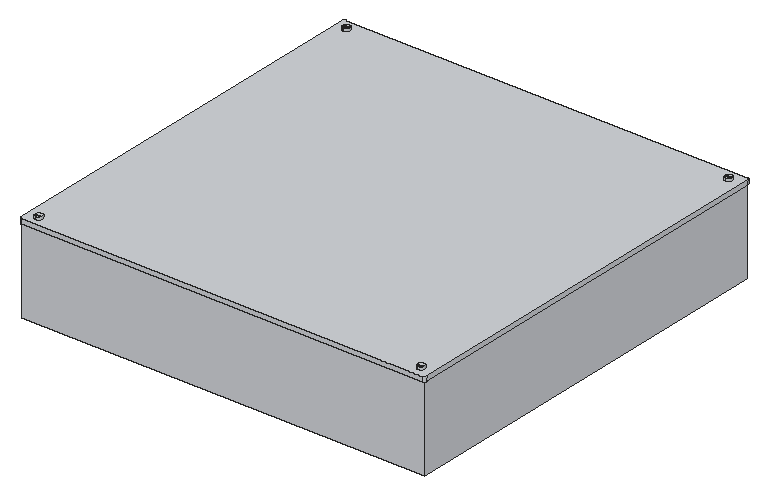
Revit family "AB19G", category Generic Models, Revit 2017
Family settings
  Can host rebar = No
  Round Connector Dimension = Use Diameter
  Part Type = Normal
  Work Plane-Based = Yes
  Always vertical = No
  Cut with Voids When Loaded = No
  Shared = No
  Room Calculation Point = No
Parameters (values of type "NBS Standard Parameters")
  Weight = "1.3055Kg"
  WarrantyStartDate [instance] = "1900-12-31T23:59:59"
  WarrantyGuarantorParts = "n/a"
  WarrantyGuarantorLabor = "n/a"
  WarrantyDurationUnit = "1 year"
  WarrantyDurationParts = "n/a"
  WarrantyDurationLabor = "n/a"
  WarrantyDescription = "n/a"
  Version = "1"
  Uniclass2 = "Pr_65_52_01_86"
  TagNumber [instance] = "n/a"
  SustainabilityPerformance = "n/a"
  Size = "225 X 225 X 50mm (9 X 9 X 2\")"
  Shape = "Square"
  SerialNumber [instance] = "n/a"
  Revision = "n/a"
  ReplacementCost = "n/a"
  ProductInformation = "www.metpro.co.uk/pdf/ab19g.pdf"
  NominalWidth = 225 mm
  NominalLength = 225 mm
  NominalHeight = 50 mm
  Name = ""
  NBSTypeID = ""
  NBSReference = "45-35-00/340"
  NBSOfficeMasterTag = ""
  NBSNote = ""
  NBSDescription = "Surface Boxes"
  NBSCertification = ""
  ModelReference = "AB19G"
  ModelNumber = "n/a"
  Material = "Galvanised Steel Sheet"
  ManufacturerURL = "www.metpro.co.uk"
  ManufacturerName = "Metpro Ltd"
  Keynote = "Compliant to LU standard 1-085"
  InstallationDate [instance] = "1900-12-31T23:59:59"
  IfcExportType = ""
  IfcExportAs = ""
  Grade = "n/a"
  Finish = "Pre Galvanised Sheet Steel"
  Features = "n/a"
  ExpectedLife = "n/a"
  DurationUnit = "year"
  Description = "AB19G - 225 X 225 X 50mm ( 9 X 9 X 2\")  Adaptable Box - Plain"
  Default Elevation = 1219.2 mm
  Constituents = "n/a"
  Color = "n/a"
  CodePerformance = "n/a"
  Category = "n/a"
  BarCode [instance] = "n/a"
  BIMObjectName = "Metpro_metprolibrary_surfaceboxes_adaptableboxes_Plainsided"
  Author = "Metpro Ltd"
  AssetType = ""
  AssetIdentifier [instance] = "n/a"
  AccessibilityPerformance = "n/a"
Reference planes
  plane 1 "Center (Front/Back)": y = 0
  plane 2: z = 0
  plane 3 "Center (Left/Right)": x = 0
Forms (mm)
  Extrusion 1, solid
    sketch origin (-1729.164, 1008.038, 92) x (0, -1, 0) y (1, 0, 0)
      loop
        line (-2.199, -230) -> (-2.199, -5) -> (-227.199, -5) -> (-227.199, -230) -> (-2.199, -230)
    from 0 to 47.5
  Extrusion 2, solid
    sketch origin (-1729.164, 1008.038, 139.5) x (0, -1, 0) y (1, 0, 0)
      loop
        line (-226.75, -231) -> (-2.599, -231)
        arc (-2.599, -231) -> (-1.609, -230.59) -> (-1.199, -229.6) r 1.4
        line (-1.199, -229.6) -> (-1.199, -5.4)
        arc (-1.199, -5.4) -> (-1.609, -4.41) -> (-2.599, -4) r 1.4
        line (-2.599, -4) -> (-226.799, -4)
        arc (-226.799, -4) -> (-227.789, -4.41) -> (-228.199, -5.4) r 1.4
        line (-228.199, -5.4) -> (-228.199, -229.551)
        arc (-228.199, -229.551) -> (-227.774, -230.576) -> (-226.75, -231) r 1.449
    from 0 to 2.5
  Extrusion 3, solid
    sketch origin (-1729.164, 1008.038, 142) x (0, -1, 0) y (1, 0, 0)
      loop
        circle (-222.199, -224.75) r 2
      loop
        circle (-7.199, -224.75) r 2
      loop
        circle (-222.199, -11) r 2
      loop
        circle (-7.199, -11) r 2
    from 0 to 1
  Extrusion 4, void
    sketch origin (-1729.164, 1008.038, 143) x (1, 0, 0) y (0, -1, 0)
      loop
        line (-230, -221.639) -> (-230, -222.759) -> (-216.945, -222.759) -> (-216.945, -221.639) -> (-230, -221.639)
      loop
        line (-230, -6.678) -> (-230, -7.678) -> (-216.945, -7.678) -> (-216.945, -6.678) -> (-230, -6.678)
      loop
        line (-16, -221.691) -> (-16, -222.538) -> (-6.823, -222.538) -> (-6.823, -221.691) -> (-16, -221.691)
      loop
        line (-16, -6.516) -> (-16, -7.511) -> (-5.123, -7.511) -> (-5.123, -6.516) -> (-16, -6.516)
    from 0 to 0.5
Cuts and joins
  Extrusion 4 cuts Extrusion 3
  joined: Extrusion 1, Extrusion 2
Dimensions and locks
  aligned and locked: level to plane 2
